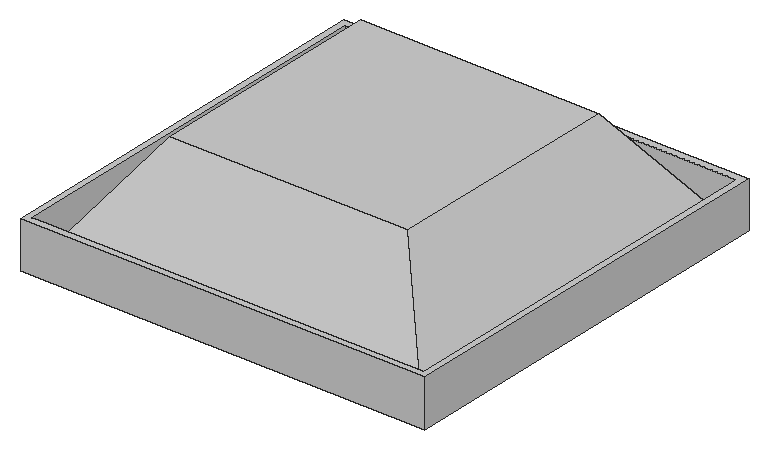
Revit family "Bruttile", category Generic Models, host Ceiling, Revit 2020
Family settings
  Host = Ceiling
  Can host rebar = No
  Round Connector Dimension = Use Diameter
  Part Type = Normal
  Always vertical = Yes
  Cut with Voids When Loaded = No
  Shared = No
  Room Calculation Point = No
Parameters (values of type "Light Gray")
  L = 23.750"
  Default Elevation = 0.000"
  Color = Light Gray
Types (10): name | Color
  Warm Gray | Warm Gray
  Light Gray | Light Gray
  Medium Gray | Medium Gray
  Dark Gray | Dark Gray
  Red | Red
  Blue | Blue
  Black | Black
  White | White
  Light Green | Light Green
  Dark Green | Dark Green
Reference planes (in)
  plane 1 "Center (Front/Back)": y = 0
  plane 2: z = 0
  plane 3 "Center (Left/Right)": x = 0
  plane 4 "Ceiling": z = 157.48031
  plane 5: y = 11.875
  plane 6: x = -11.875
  plane 7: x = 11.875
  plane 8: y = -11.875
  plane 9 "1": z = 154.72391
  plane 10: x = 0
  plane 11: y = 0
Forms (in)
  Extrusion 1, void
    sketch origin (0, 0, 157.48031) x (0, 1, 0) y (-1, 0, 0)
      loop
        line (11.875, 11.875) -> (-11.875, 11.875) -> (-11.875, -11.875) -> (11.875, -11.875) -> (11.875, 11.875)
    from 0 to 20
Dimensions and locks (in)
  equal spacing: host sketch curve, plane 3 "Center (Left/Right)", host sketch curve
  equal spacing: host sketch curve, plane 1 "Center (Front/Back)", host sketch curve
  host sketch curve to host sketch curve = 157.48031"  (x2)
  equal spacing: plane 8, plane 1 "Center (Front/Back)", plane 5
  "L": plane 8 to plane 5
  equal spacing: plane 6, plane 3 "Center (Left/Right)", plane 7
  "L": plane 6 to plane 7
  locked: plane 9 "1" to plane 4 "Ceiling" at 2.7564
  equal spacing: plane 6, plane 10, plane 7
  equal spacing: plane 8, plane 11, plane 5
  aligned and locked: Extrusion 1 sketch curve to plane 8
  aligned and locked: Extrusion 1 sketch curve to plane 7
  aligned and locked: Extrusion 1 sketch curve to plane 5
  aligned and locked: Extrusion 1 sketch curve to plane 6
  aligned and locked: nested 1 to plane 10
  aligned and locked: nested 1 to plane 11
  aligned and locked: plane 4 "Ceiling" to nested 1
Nested families (in)
  nested 1: "Model 1" at (0, 0, 156.10241), type "Model 1"
Definition of nested family "Model 1"
  Parameters (values of type "Model 1")
    Default Elevation = 0.000"
    Color = none
  Reference planes (in)
    plane 1 "Center (Front/Back)": y = 0
    plane 2: z = 0
    plane 3 "Center (Left/Right)": x = 0
    plane 4: x = 11.5
    plane 5: x = -11.5
    plane 6: y = -11.875
    plane 7: y = 11.875
    plane 8: x = 11.875
    plane 9: x = -11.875
    plane 10 "1": z = -1.3779
    plane 11 "2": z = 5.24532
    plane 12: y = -11.5
    plane 13: y = 11.5
    plane 14 "3": z = 4.87032
  Forms (in)
    Extrusion 1, solid, material <- "Color"
      sketch origin (0, 0, 0) x (1, 0, 0) y (0, 1, 0)
        loop
          line (-11.875, 11.875) -> (-11.875, -11.875) -> (11.875, -11.875) -> (11.875, 11.875) -> (-11.875, 11.875)
      from -1.3779 to 5.24532
    SweptBlend 2, void
      path origin (0, 0, 0) x (1, 0, 0) y (0, 0, 1)
        loop
          line (0, 4.87032) -> (0, -1.3779)
      profile origin (0, 0, 4.87032) x (0, -1, 0) y (1, 0, 0)
        loop
          line (-6.79125, -6.79125) -> (6.79125, -6.79125) -> (6.79125, 6.79125) -> (-6.79125, 6.79125) -> (-6.79125, -6.79125)
      end profile origin (0, 0, -1.3779) x (0, -1, 0) y (1, 0, 0)
        loop
          line (-11.1663, -11.1663) -> (11.1663, -11.1663) -> (11.1663, 11.1663) -> (-11.1663, 11.1663) -> (-11.1663, -11.1663)
    Sweep 3, void
      path origin (0, 0, -1.3779) x (-1, 0, 0) y (0, -1, 0)
        loop
          line (-11.5, 11.5) -> (-11.5, -11.5) -> (11.5, -11.5) -> (11.5, 11.5) -> (-11.5, 11.5)
      profile origin (11.5, 0, -1.3779) x (-1, 0, 0) y (0, 0, 1)
        loop
          line (4.51354, 6.62322) -> (-0.375, 6.62322) -> (-0.375, 2.7558) -> (0, 2.7558) -> (0, 0.375) -> (0.13849, 0.375) -> (4.51354, 6.62322)
  Cuts and joins
    SweptBlend 2, Sweep 3 cuts Extrusion 1
  Dimensions and locks (in)
    equal spacing: plane 7, plane 1 "Center (Front/Back)", plane 6
    locked: plane 7 to plane 6 at 23.75
    plane 9 to plane 3 "Center (Left/Right)" to plane 8 = 11.875", 11.875"
    locked: plane 9 to plane 8 at 23.75
    aligned and locked: level to plane 2
    aligned and locked: plane 7 to Extrusion 1 sketch curve
    aligned and locked: plane 9 to Extrusion 1 sketch curve
    aligned and locked: plane 6 to Extrusion 1 sketch curve
    aligned and locked: plane 8 to Extrusion 1 sketch curve
    aligned and locked: Extrusion 1 to plane 10 "1"
    aligned and locked: plane 11 "2" to Extrusion 1
    aligned and locked: SweptBlend 2 sketch curve to plane 3 "Center (Left/Right)"
    aligned and locked: Extrusion 1 to SweptBlend 2 sketch curve
    aligned and locked: plane 4 to Sweep 3 sketch curve
    aligned and locked: Sweep 3 sketch curve to plane 13
    aligned and locked: Sweep 3 sketch curve to plane 5
    aligned and locked: Sweep 3 sketch curve to plane 12
    aligned and locked: plane 14 "3" to SweptBlend 2 sketch curve
  Automatic sketch dimensions
    SweptBlend 2 sketch curve to profile plane = 6.79125"  (x2)
    profile plane to SweptBlend 2 sketch curve = 6.79125"  (x2)
    profile plane to SweptBlend 2 sketch curve = 11.1663"  (x2)
    SweptBlend 2 sketch curve to profile plane = 11.1663"  (x2)
    Sweep 3 sketch curve to profile plane = 0.000"
    Sweep 3 sketch curve to Sweep 3 sketch curve = 0.375"
    plane 10 "1" to Sweep 3 sketch curve = 0.375"
    Sweep 3 sketch curve to Sweep 3 sketch curve = 2.3808"
    Sweep 3 sketch curve to Sweep 3 sketch curve = 3.86742"
    Sweep 3 sketch curve to profile plane = 0.13849"
    Sweep 3 sketch curve to profile plane = 4.51354"
